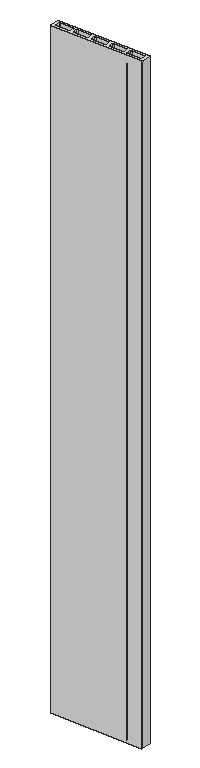
Revit family "ECP_MNF-3530", category Generic Models, Revit 2022
Family settings
  Can host rebar = No
  Round Connector Dimension = Use Diameter
  Part Type = Normal
  Work Plane-Based = No
  Always vertical = Yes
  Cut with Voids When Loaded = Yes
  Maintain Annotation Orientation = No
  Shared = No
  Room Calculation Point = No
Parameters (values of type "ECP_MNF-3530")
  長さ [instance] = 2000 mm
  穴表示 = yes
  材質 = 40Msr_ECP
  Default Elevation = 0 mm
  既存長さ = 310 mm
  幅 [instance] = 300 mm
  固定寸法 = 300 mm
  厚さ = 35 mm
  メースカット非表示 = yes
  メースカット [instance] = 既存長さ - 幅 - 10 mm  # 0 mm
  オースカット非表示 = no
  オースカット = 0 mm
Reference planes
  plane 1 "中心(正面/背面)": y = 0
  plane 2: z = 0
  plane 3 "中心(左/右)": x = 0
  plane 4: y = -17.5
  plane 5: y = 17.5
  plane 6: z = 2000
  plane 7: x = 300
Forms (mm)
  Extrusion 1, solid, material "40Msr_ECP" <- "材質", detail levels fine
    sketch origin (0, 0, 0) x (1, 0, 0) y (0, 1, 0)
      loop
        line (0, -15.5) -> (2, -17.5) -> (298, -17.5) -> (300, -15.5) -> (300, 15.5) -> (298, 17.5) -> (2, 17.5) -> (0, 15.5) -> (0, -15.5)
    from 0 to 2000
  Extrusion 2, void
    sketch origin (-50, 0, 0) x (1, 0, 0) y (0, 1, 0)
      loop
        line (350, -17.5) -> (360, -17.5) -> (360, 17.5) -> (350, 17.5) -> (350, -17.5)
    from 0 to 2000
  Extrusion 3, void
    sketch origin (-617, 0, 0) x (1, 0, 0) y (0, 1, 0)
      loop
        line (630, -7.5) -> (672, -7.5)
        arc (672, -7.5) -> (674.122, -6.621) -> (675, -4.5) r 3
        line (675, -4.5) -> (675, 4.5)
        arc (675, 4.5) -> (674.122, 6.621) -> (672, 7.5) r 3
        line (672, 7.5) -> (630, 7.5)
        arc (630, 7.5) -> (627.879, 6.621) -> (627, 4.5) r 3
        line (627, 4.5) -> (627, -4.5)
        arc (627, -4.5) -> (627.879, -6.621) -> (630, -7.5) r 3
      loop
        line (688, -7.5) -> (730, -7.5)
        arc (730, -7.5) -> (732.122, -6.621) -> (733, -4.5) r 3
        line (733, -4.5) -> (733, 4.5)
        arc (733, 4.5) -> (732.122, 6.621) -> (730, 7.5) r 3
        line (730, 7.5) -> (688, 7.5)
        arc (688, 7.5) -> (685.879, 6.621) -> (685, 4.5) r 3
        line (685, 4.5) -> (685, -4.5)
        arc (685, -4.5) -> (685.879, -6.621) -> (688, -7.5) r 3
      loop
        line (746, -7.5) -> (788, -7.5)
        arc (788, -7.5) -> (790.122, -6.621) -> (791, -4.5) r 3
        line (791, -4.5) -> (791, 4.5)
        arc (791, 4.5) -> (790.122, 6.621) -> (788, 7.5) r 3
        line (788, 7.5) -> (746, 7.5)
        arc (746, 7.5) -> (743.879, 6.621) -> (743, 4.5) r 3
        line (743, 4.5) -> (743, -4.5)
        arc (743, -4.5) -> (743.879, -6.621) -> (746, -7.5) r 3
      loop
        line (804, -7.5) -> (846, -7.5)
        arc (846, -7.5) -> (848.122, -6.621) -> (849, -4.5) r 3
        line (849, -4.5) -> (849, 4.5)
        arc (849, 4.5) -> (848.122, 6.621) -> (846, 7.5) r 3
        line (846, 7.5) -> (804, 7.5)
        arc (804, 7.5) -> (801.879, 6.621) -> (801, 4.5) r 3
        line (801, 4.5) -> (801, -4.5)
        arc (801, -4.5) -> (801.879, -6.621) -> (804, -7.5) r 3
      loop
        line (862, -7.5) -> (904, -7.5)
        arc (904, -7.5) -> (906.122, -6.621) -> (907, -4.5) r 3
        line (907, -4.5) -> (907, 4.5)
        arc (907, 4.5) -> (906.122, 6.621) -> (904, 7.5) r 3
        line (904, 7.5) -> (862, 7.5)
        arc (862, 7.5) -> (859.879, 6.621) -> (859, 4.5) r 3
        line (859, 4.5) -> (859, -4.5)
        arc (859, -4.5) -> (859.879, -6.621) -> (862, -7.5) r 3
    from 0 to 2000
Cuts and joins
  Extrusion 2, Extrusion 3 cuts Extrusion 1
Lines and regions (mm)
  symbolic lines, style "ECPパネル", detail levels coarse+medium
    curve 1: line (0, 17.5, 0) -> (300, 17.5, 0)
    curve 2: line (0, -17.5, 0) -> (0, 17.5, 0)
    curve 3: line (300, -17.5, 0) -> (0, -17.5, 0)
    curve 4: line (300, 17.5, 0) -> (300, -17.5, 0)
    curve 5: line (0, 0, 0) -> (300, 0, 0)
    curve 6: line (0, 0, 2000) -> (0, 0, 0)
    curve 7: line (300, 0, 2000) -> (0, 0, 2000)
    curve 8: line (300, 0, 0) -> (300, 0, 2000)
    curve 9: line (0, -17.5, 2000) -> (0, 17.5, 2000)
    curve 10: line (0, -17.5, 0) -> (0, -17.5, 2000)
    curve 11: line (0, 17.5, 0) -> (0, -17.5, 0)
    curve 12: line (0, 17.5, 2000) -> (0, 17.5, 0)
  model lines, detail levels coarse+medium
    curve 13: line (0, 8, 0) -> (0, -8, 0)
Dimensions and locks
  "厚さ": plane 4 to plane 5
  "長さ": plane 6 to level
  equal spacing: plane 4, plane 1 "中心(正面/背面)", plane 5
  "既存長さ": plane 3 "中心(左/右)" to Extrusion 2 sketch curve
  "長さ": cut or joined group of Extrusion 1, Extrusion 2, Extrusion 3 to level
  "長さ": Extrusion 2 to level
  "幅": cut or joined group of Extrusion 1, Extrusion 2, Extrusion 3 to curve 8
  "長さ": level to Extrusion 3
  "固定寸法": plane 3 "中心(左/右)" to cut or joined group of Extrusion 1, Extrusion 2, Extrusion 3
  "幅": plane 3 "中心(左/右)" to plane 7
  "メースカット": Extrusion 2 sketch curve to cut or joined group of Extrusion 1, Extrusion 2, Extrusion 3
  aligned and locked: level to plane 2
Automatic sketch dimensions
  curve 11 to level = 0 mm
  curve 11 to plane 4 = 0 mm
  curve 11 to plane 5 = 0 mm
  curve 10 to plane 6 = 0 mm
  curve 7 to plane 3 "中心(左/右)" = 0 mm
  curve 7 to plane 6 = 0 mm
  curve 8 to level = 0 mm
  plane 4 to Extrusion 2 sketch curve = 0 mm
  plane 5 to Extrusion 2 sketch curve = 0 mm
  Extrusion 1 sketch curve to plane 3 "中心(左/右)" = 0 mm
  plane 4 to Extrusion 1 sketch curve = 0 mm
  plane 5 to Extrusion 1 sketch curve = 0 mm
  plane 3 "中心(左/右)" to Extrusion 1 sketch curve = 2 mm  (x2)
  Extrusion 1 sketch curve to Extrusion 1 sketch curve = 0 mm
  Extrusion 1 sketch curve to plane 4 = 2 mm  (x2)
  Extrusion 1 sketch curve to Extrusion 1 sketch curve = 2 mm
  plane 5 to Extrusion 1 sketch curve = 2 mm  (x2)
  Extrusion 1 sketch curve to Extrusion 1 sketch curve = 296 mm
  Extrusion 3 sketch curve to plane 1 "中心(正面/背面)" = 4.5 mm  (x3)
  plane 3 "中心(左/右)" to Extrusion 3 sketch curve = 10 mm
  Extrusion 3 sketch curve to Extrusion 3 sketch curve = 3 mm  (x14)
  plane 1 "中心(正面/背面)" to Extrusion 3 sketch curve = 7.5 mm
  Extrusion 3 sketch curve to Extrusion 3 sketch curve = 42 mm  (x5)
  Extrusion 3 sketch curve to Extrusion 3 sketch curve = 0 mm  (x5)
  Extrusion 3 sketch curve to Extrusion 3 sketch curve = 10 mm  (x4)
  plane 1 "中心(正面/背面)" to Extrusion 3 sketch curve = 4.5 mm  (x5)
  Extrusion 3 sketch curve to plane 1 "中心(正面/背面)" = 7.5 mm  (x2)
  curve 1 to plane 3 "中心(左/右)" = 0 mm
  curve 13 to plane 3 "中心(左/右)" = 0 mm
  plane 4 to curve 4 = 0 mm
  curve 4 to plane 7 = 0 mm
  plane 5 to curve 1 = 0 mm
  plane 1 "中心(正面/背面)" to curve 13 = 8 mm
  curve 13 to plane 1 "中心(正面/背面)" = 8 mm
